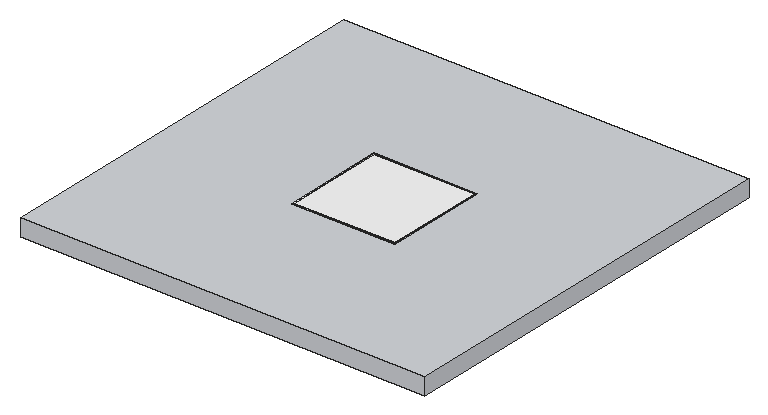
Revit family
Parameters (values of type "2"")
  WFU = 0
  URL = "WWW.MIFAB.COM"
  Top Width = 24.00"
  Top Length = 24.00"
  Pipe Radius = Pipe Diameter / 2  # 1.00"
  Pipe Diameter = 2.00"
  Model = "F1590-90"
  Manufacturer = "MIFAB"
  Floor Drain Material = Paint - Sherwin Williams Paint - #952C2A - Bellwood Red
  Description = "24\" x 24\" HEAVY DUTY PARKING AREA DRAIN WITH SIDE OUTLET"
  Default Elevation = 0.00"
  Body Height = 22.00"
Types (5): name | Pipe Radius | Pipe Diameter
  (no name) | 1.00" | 2.00"
  2" | 1.00" | 2.00"
  3" | 1.50" | 3.00"
  4" | 2.00" | 4.00"
  6" | 2.75" | 5.50"
Reference planes (in)
  plane 1 "Center (Front/Back)": y = 0
  plane 2: z = 0
  plane 3 "Center (Left/Right)": x = 0
  plane 4: x = -12.25
  plane 5: x = 12.25
  plane 6: y = 12.25
  plane 7: y = -12.25
  plane 8: z = -2
  plane 9: x = -14.25
  plane 10: z = -22
  plane 11: x = 11
  plane 12: x = 10
  plane 13: z = -16.5
  plane 14: z = -17.5
  plane 15: x = 12
  plane 16: x = -12
  plane 17: y = 12
  plane 18: y = -12
Forms (in)
  Extrusion 1, solid
    sketch origin (0, 0, 0) x (1, 0, 0) y (0, 1, 0)
      loop
        line (-48, 48) -> (-48, -48) -> (48, -48) -> (48, 48) -> (-48, 48)
    from 0 to -4
  Sweep 2, solid, material "Paint - Sherwin Williams Paint - #952C2A - Bellwood Red" <- "Floor Drain Material"
    path origin (0, 0, 0) x (1, 0, 0) y (0, 1, 0)
      loop
        line (-12.25, 12.25) -> (-12.25, -12.25) -> (12.25, -12.25) -> (12.25, 12.25) -> (-12.25, 12.25)
    profile origin (-12.25, 0, 0) x (-1, 0, 0) y (0, 0, 1)
      loop
        line (0, 0) -> (-0.25, 0) -> (-0.25, -22) -> (0, -22) -> (0, -2.25) -> (2, -2.25) -> (2, -2) -> (0, -2) -> (0, 0)
  Extrusion 3, void
    sketch origin (0, 0, 0) x (1, 0, 0) y (0, 0, 1)
      loop
        line (-12.25, -14.5) -> (-12.25, -22) -> (-4.75, -22) -> (-12.25, -14.5)
    from -12.25 to 12.25
  Extrusion 4, solid, material "Paint - Sherwin Williams Paint - #952C2A - Bellwood Red" <- "Floor Drain Material"
    sketch origin (0, 0, 0) x (1, 0, 0) y (0, 0, 1)
      loop
        line (-12.25, -14.5) -> (-4.75, -22) -> (12, -22) -> (12, -21.75) -> (-4.64645, -21.75) -> (-12.07322, -14.32322) -> (-12.25, -14.5)
    from -12.25 to 12.25
  Extrusion 5, solid, material "Paint - Sherwin Williams Paint - #952C2A - Bellwood Red" <- "Floor Drain Material"
    sketch origin (0, 0, 0) x (1, 0, 0) y (0, 1, 0)
      loop
        line (-12, 12) -> (-12, -12) -> (12, -12) -> (12, 12) -> (-12, 12)
    from -2 to 0
  Revolve 6, solid, material "Paint - Sherwin Williams Paint - #952C2A - Bellwood Red" <- "Floor Drain Material"
    sketch origin (0, 0, 0) x (1, 0, 0) y (0, 0, 1)
      loop
        line (12, -17.5) -> (12, -17.75) -> (14.25, -17.75) -> (14.25, -17.5) -> (12, -17.5)
      axis (12, -16.5) -> (14.25, -16.5)
    angle from 0 to 360
Cuts and joins
  Extrusion 3 cuts Sweep 2
  joined: Sweep 2, Extrusion 4, Revolve 6
Lines and regions (in)
  symbolic lines
    curve 1: line (-12.25, 12.25, 0) -> (12.25, 12.25, 0)
    curve 2: line (-12.25, -12.25, 0) -> (-12.25, 12.25, 0)
    curve 3: line (12.25, -12.25, 0) -> (-12.25, -12.25, 0)
    curve 4: line (12.25, 12.25, 0) -> (12.25, -12.25, 0)
    curve 5: line (-12, 12, 0) -> (12, 12, 0)
    curve 6: line (-12, -12, 0) -> (-12, 12, 0)
    curve 7: line (12, -12, 0) -> (-12, -12, 0)
    curve 8: line (12, 12, 0) -> (12, -12, 0)
    curve 9: line (14.25, 1.25, 0) -> (12.25, 1.25, 0)
    curve 10: line (14.25, 1.25, 0) -> (14.25, -1.25, 0)
    curve 11: line (14.25, -1.25, 0) -> (12.25, -1.25, 0)
Dimensions and locks (in)
  locked: Extrusion 1 to plane 8 at 2
  locked: plane 4 to plane 9 at 2
  "Body Height": Extrusion 1 to plane 10
  Sweep 2 sketch curve to Sweep 2 sketch curve = 0.25"  (x2)
  locked: plane 11 to plane 5 at 1.25
  "Pipe Radius": plane 12 to plane 11
  Extrusion 4 sketch curve to Extrusion 4 sketch curve = 0.25"  (x2)
  locked: Extrusion 4 sketch curve to plane 10 at 7.5
  locked: Extrusion 3 sketch curve to plane 10 at 7.5
  locked: Extrusion 3 sketch curve to plane 4 at 7.5
  Extrusion 1 to plane 13 = 16.50"  (x2)
  locked: cut or joined group of Sweep 2, Extrusion 3, Extrusion 4, Revolve 6 to Extrusion 4 sketch curve at 7.5
  "Top Length": Extrusion 5 sketch curve to Extrusion 5 sketch curve
  "Top Width": Extrusion 5 sketch curve to Extrusion 5 sketch curve
  locked: plane 6 to Extrusion 5 at 0.25
  locked: plane 4 to Extrusion 5 at 0.25
  Extrusion 5 to plane 5 = 0.25"
  locked: plane 7 to Extrusion 5 at 0.25
  "Pipe Radius": plane 13 to plane 14
  locked: plane 14 to Revolve 6 sketch curve at 0.25
  equal spacing: plane 16, plane 3 "Center (Left/Right)", plane 15
  "Top Length": plane 16 to plane 15
  equal spacing: plane 18, plane 1 "Center (Front/Back)", plane 17
  "Top Width": plane 17 to plane 18
  locked: plane 6 to plane 17 at 0.25
  locked: plane 4 to plane 16 at 0.25
  locked: plane 15 to plane 5 at 0.25
  locked: plane 7 to plane 18 at 0.25
  aligned and locked: plane 2 to Extrusion 1
  aligned and locked: level to Extrusion 1
  aligned and locked: Sweep 2 sketch curve to plane 6
  aligned and locked: plane 4 to Sweep 2 sketch curve
  aligned and locked: Sweep 2 sketch curve to plane 7
  aligned and locked: plane 5 to Sweep 2 sketch curve
  aligned and locked: Extrusion 1 to Sweep 2 sketch curve
  aligned and locked: Sweep 2 sketch curve to profile plane  (x2)
  aligned and locked: plane 8 to Sweep 2 sketch curve
  aligned and locked: Sweep 2 sketch curve to plane 9
  aligned and locked: plane 6 to Extrusion 3
  aligned and locked: plane 7 to Extrusion 3
  aligned and locked: Sweep 2 to Extrusion 3 sketch curve
  aligned and locked: plane 4 to Extrusion 3 sketch curve
  aligned and locked: plane 6 to Extrusion 4
  aligned and locked: plane 7 to Extrusion 4
  aligned and locked: Sweep 2 sketch curve to plane 10
  aligned and locked: Extrusion 4 sketch curve to plane 10
  aligned and locked: cut or joined group of Sweep 2, Extrusion 3, Extrusion 4, Revolve 6 to Extrusion 4 sketch curve
  aligned and locked: Extrusion 5 sketch curve to cut or joined group of Sweep 2, Extrusion 3, Extrusion 4, Revolve 6  (x2)
  aligned and locked: Extrusion 5 to plane 8
  aligned and locked: level to Extrusion 5
  aligned: cut or joined group of Sweep 2, Extrusion 3, Extrusion 4, Revolve 6 to cut or joined group of Sweep 2, Extrusion 3, Extrusion 4, Revolve 6
  aligned and locked: Revolve 6 sketch curve to plane 14
  aligned and locked: Revolve 6 sketch curve to cut or joined group of Sweep 2, Extrusion 3, Extrusion 4, Revolve 6
  aligned and locked: Revolve 6 sketch curve to plane 13
Automatic sketch dimensions
  Extrusion 1 sketch curve to Extrusion 1 sketch curve = 96.00"  (x2)
  plane 4 to Extrusion 4 sketch curve = 0.00"
  plane 5 to Revolve 6 sketch curve = 0.50"
  Revolve 6 sketch curve to plane 12 = 1.00"
  Revolve 6 sketch curve to plane 5 = 2.00"
  curve 3 to plane 4 = 0.00"
  curve 1 to plane 5 = 0.00"
  plane 7 to curve 3 = 0.00"
  curve 2 to plane 6 = 0.00"
  plane 4 to curve 6 = 0.25"
  plane 5 to curve 5 = 0.25"
  curve 10 to plane 5 = 2.00"
  curve 8 to plane 7 = 0.25"
  plane 1 "Center (Front/Back)" to curve 11 = 1.25"
  curve 10 to plane 1 "Center (Front/Back)" = 1.25"
  curve 6 to plane 6 = 0.25"
Connectors (in)
  piping at (14.25, 0, -16.5), driven by "WFU", driven by "Pipe Radius"
    settings: on cut or joined group of Sweep 2, Extrusion 3, Extrusion 4, Revolve 6, index 1, connector radius 1", flow factor 0, pipe flow 0 GPM, pressure drop 0.00 psi, fitting loss kfactor 0, connector angle 0.00°, fixture units 0, flow configuration 3, flow direction 2, fitting loss method 0, system type 16, connector reference index -1, connector utility 0, adjustable connector no, is connector primary yes, fitting loss table "", connector description "Sanitary Out"
